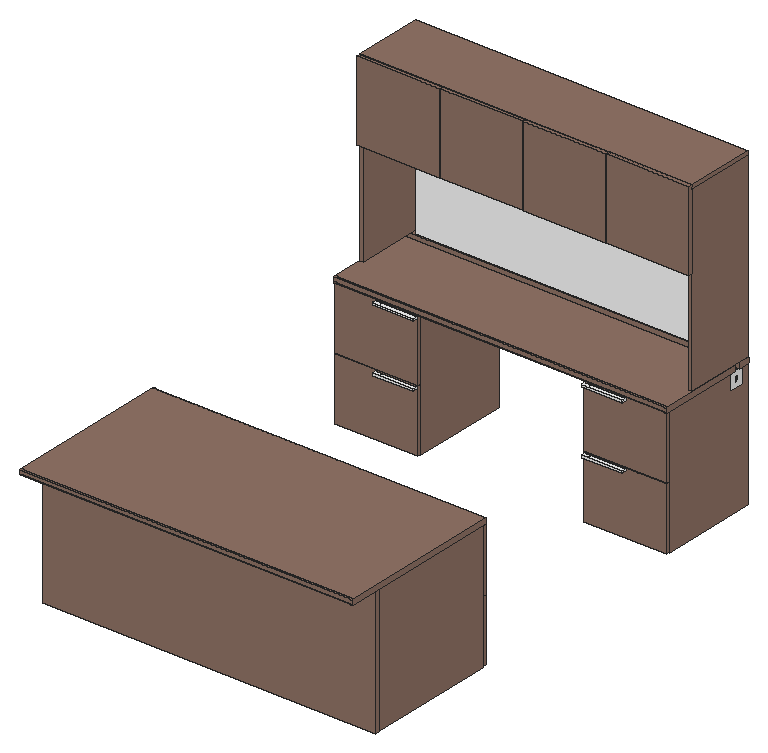
Revit family "FLV001", category Furniture, Revit 2015
Parameters
  Series = "Flux Veneer"
  Manufacturer = "JSI"
  Description = "FLV001"
Reference planes (in)
  plane 1 "Center Front/Back": y = 0
  plane 2: z = 0
  plane 3 "Center Left/Right": x = 0
Dimensions and locks (in)
  aligned and locked: level to plane 2
Nested families (in)
  nested 1: "JSI-Flux- FF_Knspce_Crednz" at (1.06413, 49.25, 0), type "FLV2272-29F2K2ST, FF Knspc Crdnz, Spl Wrksf, Veneer"
    with Width 6' - 0", Split Worksurface yes, Split Dist 0' - 0", Pull Width 0' - 8 27/32", Partition Dist 1' - 4 1/2", Grommet Dist 1' - 8 1/2"
  nested 2: "JSI-Flux-Dbl_Ped_Dsk-Flsh-Mod-Ovhg_Top" at (0.93587, -42.13233, 0) x (-1, 0, 0) z (0, 0, 1), type "FLV3672EDF,Dbl Ped Desk Flush Mod,72" Veneer"
    with Width 6' - 0", Ped Width 1' - 6"
  nested 3: "JSI-Flux-Prime_Ht_Strg_OH_Cab" at (1.06413, 49.25, 0), type "FLV1672-40SO, Strg OH Cab, 4 Dr, Veneer"
    with Width 5' - 11 7/8", Partition Distance_R 2' - 11 9/16", Partition Distance_L 2' - 11 9/16", Door Width 1' - 5 7/8", Door Array Distance 1' - 6", # of Doors 4
  nested 4: "JSI-Flux-Tckbrd_for_OH_Cab" at (1.87663, 48.9173, 0.06907), type "FLB7122TK, Tackboard for OH Cab"
    with Width 5' - 11", Height 1' - 10"
Definition of nested family "JSI-Flux- FF_Knspce_Crednz"
  Parameters (values of type "Type Catalog - Lt File Knspc Crdnz")
    Worksurface = none
    Width = 8' - 0"
    URL = "www.jsifurniture.com"
    Type Comments = ""
    TAG = "FF"
    Split Worksurface = no
    Split Dist = if(Split Worksurface, 0' 0", 0' 4")  # 0' - 4"
    Pull Width = if(Width > 7' 0", 0' 10 27/32", 0' 8 27/32")  # 0' - 10 27/32"
    Partition Dist = if(Width > 7' 0", 2' 4 1/2", 1' 4 1/2")  # 2' - 4 1/2"
    Series = "FLUX"  # constant formula
    Pull Finish = none
    Model = ""
    Manufacturer = "JSI"  # constant formula
    Keynote = "12500"
    JSI Enviromental Website = "http://www.jsifurniture.com/jsi_sustainability_intro.php"
    Height = 2' - 5"
    Grommet Dist = if(Width > 7' 0", Partition Dist / 2, Partition Dist + 0' 4")  # 1' - 2 1/4"
    Glides = none
    Door Height = (Height - 0' 1 3/16" - 0' 0 5/16" - 0' 0 3/8") / 2  # 1' - 1 9/16"
    Back = none
    Door Front = none
    Description = ""
    Depth = 1' - 10"
    Chassis = none
    Assembly Code = "E2020200"
  Reference planes (in)
    plane 1: z = 0
    plane 2 "Center (Left/Right)": x = -36.06413
    plane 3 "Center (Front/Back)": y = 10.75
    plane 4: x = 59.93587
    plane 5: x = -36.00163
    plane 6: y = 10.6875
    plane 7: x = 59.87337
    plane 8: x = 11.93587
    plane 9: y = 10.625
    plane 10: y = -11.25
    plane 11: y = -11.125
    plane 12: y = -10.375
    plane 13: y = 9.875
    plane 14: y = 8.6875
    plane 15: y = 6.5
    plane 16: y = 6
    plane 17: y = 5.875
    plane 18: y = -6.375
    plane 19: y = -8.125
    plane 20: z = 0.3125
    plane 21: z = 1.5
    plane 22: z = 2.25
    plane 23: z = 29
    plane 24: z = 27.8125
    plane 25: z = 27.0625
    plane 26: z = 24.5625
    plane 27: z = 14.65625
    plane 28: z = 15.03125
    plane 29: z = 14.28125
    plane 30: x = -6.75163
    plane 31: x = 30.62337
    plane 32: x = -6.00163
    plane 33: x = 29.87337
    plane 34: x = -35.25163
    plane 35: x = 59.12337
    plane 36: y = 8.4375
    plane 37: z = 17.15625
    plane 38: y = 9.375
    plane 39: y = 6.875
    plane 40: z = 27.6875
    plane 41: z = 0.4375
    plane 42: x = -35.93913
    plane 43: x = 59.81087
    plane 44: x = -6.06413
    plane 45: x = -5.93913
    plane 46: x = 29.81087
    plane 47: x = 29.93587
    plane 48: z = 27.6875
    plane 49: z = 27.48438
    plane 50: z = 27.48437
    plane 51: y = -9.375
    plane 52: x = -34.25163
    plane 53: x = 58.12337
    plane 54: x = -21.00163
    plane 55: x = 11.93587
    plane 56: x = 44.87337
    plane 57: z = 22.8125
    plane 58: y = 9.1875
    plane 59: y = 8.5
    plane 60: y = 7
    plane 61: z = 23
    plane 62: z = 25
    plane 63: x = -7.75163
    plane 64: x = 31.62337
    plane 65: x = -24.00163
    plane 66: x = -18.00163
    plane 67: x = 41.87337
    plane 68: x = 47.87337
    plane 69: z = 26.21875
    plane 70: y = 7.59375
    plane 71: y = 7.84375
    plane 72: y = 7.34375
    plane 73: z = 14
    plane 74: z = 14.125
    plane 75: x = -6.22038
    plane 76: x = 30.09212
    plane 77: z = 13.79688
    plane 78: x = -21.00163
    plane 79: x = 44.87337
  Forms (in)
    Extrusion 1, solid
      sketch origin (0, 0, 0) x (0, 1, 0) y (0, 0, 1)
        loop
          line (6, 27.0625) -> (6, 27.8125) -> (-10.375, 27.8125) -> (-10.375, 27.0625) -> (6, 27.0625)
      from -35.25163 to -6.75163
    Extrusion 2, solid, material <- "Chassis"
      sketch origin (0, 0, 0) x (0, 1, 0) y (0, 0, 1)
        loop
          line (9.875, 2.25) -> (-10.375, 2.25) -> (-10.375, 1.5) -> (9.875, 1.5) -> (9.875, 2.25)
      from -35.25163 to -6.75163
    Extrusion 3, solid, material <- "Chassis"
      sketch origin (0, 0, 0) x (0, 1, 0) y (0, 0, 1)
        loop
          line (10.6875, 27.8125) -> (9.1875, 27.8125) -> (9.1875, 25.0625)
          arc (9.1875, 25.0625) -> (9.04105, 24.70895) -> (8.6875, 24.5625) r 0.5
          line (8.6875, 24.5625) -> (6.5, 24.5625)
          arc (6.5, 24.5625) -> (6.14645, 24.70895) -> (6, 25.0625) r 0.5
          line (6, 25.0625) -> (6, 27.8125) -> (-10.375, 27.8125) -> (-10.375, 0.3125) -> (10.6875, 0.3125) -> (10.6875, 27.8125)
      from -6.75163 to -6.00163
    Extrusion 4, solid, material <- "Chassis"
      sketch origin (0, 0, 0) x (0, 1, 0) y (0, 0, 1)
        loop
          line (10.6875, 27.8125) -> (9.1875, 27.8125) -> (9.1875, 25.0625)
          arc (9.1875, 25.0625) -> (9.04105, 24.70895) -> (8.6875, 24.5625) r 0.5
          line (8.6875, 24.5625) -> (6.5, 24.5625)
          arc (6.5, 24.5625) -> (6.14645, 24.70895) -> (6, 25.0625) r 0.5
          line (6, 25.0625) -> (6, 27.8125) -> (-10.375, 27.8125) -> (-10.375, 0.3125) -> (10.6875, 0.3125) -> (10.6875, 27.8125)
      from 29.87337 to 30.62337
    Extrusion 5, solid, material <- "Back"
      sketch origin (0, 0, 0) x (0, 1, 0) y (0, 0, 1)
        loop
          line (8.6875, 27.8125) -> (8.6875, 22.8125) -> (9.875, 22.8125) -> (9.875, 27.8125) -> (8.6875, 27.8125)
      from -35.25163 to 59.12337
    Extrusion 6, solid, material <- "Chassis"
      sketch origin (0, 0, 0) x (0, 1, 0) y (0, 0, 1)
        loop
          line (9.875, 1.5) -> (5.875, 1.5) -> (5.875, 0.3125) -> (9.875, 0.3125) -> (9.875, 1.5)
      from -35.25163 to -6.75163
    Extrusion 7, solid, material <- "Chassis"
      sketch origin (0, 0, 0) x (0, 1, 0) y (0, 0, 1)
        loop
          line (-6.375, 1.5) -> (-10.375, 1.5) -> (-10.375, 0.3125) -> (-6.375, 0.3125) -> (-6.375, 1.5)
      from -35.25163 to -6.75163
    Extrusion 8, solid, material <- "Worksurface"
      sketch origin (0, 0, 0) x (0, 1, 0) y (0, 0, 1)
        loop
          arc (10.75, 28.875) -> (10.71339, 28.96339) -> (10.625, 29) r 0.125
          line (10.625, 29) -> (-11.125, 29)
          arc (-11.125, 29) -> (-11.21339, 28.96339) -> (-11.25, 28.875) r 0.125
          line (-11.25, 28.875) -> (-11.25, 27.9375)
          arc (-11.25, 27.9375) -> (-11.21339, 27.84911) -> (-11.125, 27.8125) r 0.125
          line (-11.125, 27.8125) -> (10.625, 27.8125)
          arc (10.625, 27.8125) -> (10.71339, 27.84911) -> (10.75, 27.9375) r 0.125
          line (10.75, 27.9375) -> (10.75, 28.875)
      from -36.06413 to 59.93587
    Extrusion 9, solid, material <- "Glides"
      sketch origin (0, 0, 0) x (1, 0, 0) y (0, 1, 0)
        loop
          circle (-34.25163, 8.6875) r 0.5
      from 0 to 0.3125
    Extrusion 10, solid, material <- "Glides"
      sketch origin (0, 0, 0) x (1, 0, 0) y (0, 1, 0)
        loop
          circle (-34.25163, -9.375) r 0.5
      from 0 to 0.3125
    Extrusion 11, solid, material <- "Glides"
      sketch origin (0, 0, 0) x (1, 0, 0) y (0, 1, 0)
        loop
          circle (58.12337, 8.6875) r 0.5
      from 0 to 0.3125
    Extrusion 12, solid, material <- "Glides"
      sketch origin (0, 0, 0) x (1, 0, 0) y (0, 1, 0)
        loop
          circle (58.12337, -9.375) r 0.5
      from 0 to 0.3125
    Extrusion 13, solid, material <- "Glides"
      sketch origin (0, 0, 0) x (1, 0, 0) y (0, 1, 0)
        loop
          circle (-7.75163, 8.6875) r 0.5
      from 0 to 0.3125
    Extrusion 14, solid, material <- "Glides"
      sketch origin (0, 0, 0) x (1, 0, 0) y (0, 1, 0)
        loop
          circle (31.62337, 8.6875) r 0.5
      from 0 to 0.3125
    Extrusion 15, solid, material <- "Glides"
      sketch origin (0, 0, 0) x (1, 0, 0) y (0, 1, 0)
        loop
          circle (-7.75163, -9.375) r 0.5
      from 0 to 0.3125
    Extrusion 16, solid, material <- "Glides"
      sketch origin (0, 0, 0) x (1, 0, 0) y (0, 1, 0)
        loop
          circle (31.62337, -9.375) r 0.5
      from 0 to 0.3125
    Extrusion 17, solid, material <- "Back"
      sketch origin (0, 0, 0) x (1, 0, 0) y (0, 0, 1)
        loop
          line (-35.25163, 27.8125) -> (-35.25163, 0.3125) -> (-6.75163, 0.3125) -> (-6.75163, 27.8125) -> (-35.25163, 27.8125)
      from -10.625 to -9.875
    Extrusion 18, solid, material <- "Chassis"
      sketch origin (0, 0, 0) x (0, 1, 0) y (0, 0, 1)
        loop
          line (10.6875, 27.8125) -> (9.1875, 27.8125) -> (9.1875, 25.0625)
          arc (9.1875, 25.0625) -> (9.04105, 24.70895) -> (8.6875, 24.5625) r 0.5
          line (8.6875, 24.5625) -> (6.5, 24.5625)
          arc (6.5, 24.5625) -> (6.14645, 24.70895) -> (6, 25.0625) r 0.5
          line (6, 25.0625) -> (6, 27.8125) -> (-10.375, 27.8125) -> (-10.375, 0.3125) -> (10.6875, 0.3125) -> (10.6875, 27.8125)
      from -36.00163 to -35.25163
    Extrusion 19, solid, material <- "Chassis"
      sketch origin (0, 0, 0) x (0, 1, 0) y (0, 0, 1)
        loop
          line (10.6875, 27.8125) -> (9.1875, 27.8125) -> (9.1875, 25.0625)
          arc (9.1875, 25.0625) -> (9.04105, 24.70895) -> (8.6875, 24.5625) r 0.5
          line (8.6875, 24.5625) -> (6.5, 24.5625)
          arc (6.5, 24.5625) -> (6.14645, 24.70895) -> (6, 25.0625) r 0.5
          line (6, 25.0625) -> (6, 27.8125) -> (-10.375, 27.8125) -> (-10.375, 0.3125) -> (10.6875, 0.3125) -> (10.6875, 27.8125)
      from 59.12337 to 59.87337
    Extrusion 20, void
      sketch origin (0, 0, 0) x (1, 0, 0) y (0, 1, 0)
        loop
          line (59.93587, 8.5) -> (-36.06413, 8.5) -> (-36.06413, 7) -> (59.93587, 7) -> (59.93587, 8.5)
      from 23 to 25
    Extrusion 21, solid, material <- "Back"
      sketch origin (0, 0, 0) x (1, 0, 0) y (0, 0, 1)
        loop
          line (30.62337, 27.8125) -> (30.62337, 0.3125) -> (59.12337, 0.3125) -> (59.12337, 27.8125) -> (30.62337, 27.8125)
      from -10.625 to -9.875
    Extrusion 22, solid, material <- "Chassis"
      sketch origin (0, 0, 0) x (0, 1, 0) y (0, 0, 1)
        loop
          line (9.875, 2.25) -> (-10.375, 2.25) -> (-10.375, 1.5) -> (9.875, 1.5) -> (9.875, 2.25)
      from 30.62337 to 59.12337
    Extrusion 23, solid, material <- "Chassis"
      sketch origin (0, 0, 0) x (0, 1, 0) y (0, 0, 1)
        loop
          line (9.875, 1.5) -> (5.875, 1.5) -> (5.875, 0.3125) -> (9.875, 0.3125) -> (9.875, 1.5)
      from 30.62337 to 59.12337
    Extrusion 24, solid, material <- "Chassis"
      sketch origin (0, 0, 0) x (0, 1, 0) y (0, 0, 1)
        loop
          line (-6.375, 1.5) -> (-10.375, 1.5) -> (-10.375, 0.3125) -> (-6.375, 0.3125) -> (-6.375, 1.5)
      from 30.62337 to 59.12337
    Extrusion 25, void
      sketch origin (0, 0, 0) x (1, 0, 0) y (0, 0, 1)
        loop
          line (-23.00163, 14.65625) -> (-19.00163, 14.65625)
          arc (-19.00163, 14.65625) -> (-18.29453, 14.94914) -> (-18.00163, 15.65625) r 1
          line (-18.00163, 15.65625) -> (-18.00163, 16.15625)
          arc (-18.00163, 16.15625) -> (-18.29453, 16.86336) -> (-19.00163, 17.15625) r 1
          line (-19.00163, 17.15625) -> (-23.00163, 17.15625)
          arc (-23.00163, 17.15625) -> (-23.70874, 16.86336) -> (-24.00163, 16.15625) r 1
          line (-24.00163, 16.15625) -> (-24.00163, 15.65625)
          arc (-24.00163, 15.65625) -> (-23.70874, 14.94914) -> (-23.00163, 14.65625) r 1
      from -10.75 to -9.875
    Extrusion 26, solid, material <- "Pull Finish"
      sketch origin (0, 0, 0) x (0, 1, 0) y (0, 0, 1)
        loop
          arc (7.84375, 26.92586) -> (7.87949, 26.71752) -> (7.98264, 26.53302) r 0.625
          arc (7.98264, 26.53302) -> (7.59375, 25.71875) -> (7.20486, 26.53302) r 0.5
          arc (7.20486, 26.53302) -> (7.30801, 26.71752) -> (7.34375, 26.92586) r 0.625
          line (7.34375, 26.92586) -> (7.34375, 27.8125) -> (6, 27.8125) -> (6, 25.0625)
          arc (6, 25.0625) -> (6.14645, 24.70895) -> (6.5, 24.5625) r 0.5
          line (6.5, 24.5625) -> (8.6875, 24.5625)
          arc (8.6875, 24.5625) -> (9.04105, 24.70895) -> (9.1875, 25.0625) r 0.5
          line (9.1875, 25.0625) -> (9.1875, 27.8125) -> (7.84375, 27.8125) -> (7.84375, 26.92586)
      from 59.81087 to 59.87337
    Extrusion 27, solid, material <- "Door Front"
      sketch origin (0, 0, 0) x (1, 0, 0) y (0, 1, 0)
        loop
          line (-35.93913, -10.375) -> (-35.93913, -11.125) -> (-6.06413, -11.125) -> (-6.06413, -10.375) -> (-35.93913, -10.375)
      from 14.125 to 27.6875
    Extrusion 28, solid, material <- "Door Front"
      sketch origin (0, 0, 0) x (1, 0, 0) y (0, 1, 0)
        loop
          line (-35.93913, -10.375) -> (-35.93913, -11.125) -> (-6.06413, -11.125) -> (-6.06413, -10.375) -> (-35.93913, -10.375)
      from 0.4375 to 14
    Extrusion 29, solid, material <- "Door Front"
      sketch origin (0, 0, 0) x (1, 0, 0) y (0, 1, 0)
        loop
          line (29.93587, -10.375) -> (29.93587, -11.125) -> (59.81087, -11.125) -> (59.81087, -10.375) -> (29.93587, -10.375)
      from 14.125 to 27.6875
    Extrusion 30, solid, material <- "Door Front"
      sketch origin (0, 0, 0) x (1, 0, 0) y (0, 1, 0)
        loop
          line (29.93587, -10.375) -> (29.93587, -11.125) -> (59.81087, -11.125) -> (59.81087, -10.375) -> (29.93587, -10.375)
      from 0.4375 to 14
    Extrusion 31, void
      sketch origin (0, 0, 0) x (1, 0, 0) y (0, 0, 1)
        loop
          arc (42.87337, 17.15625) -> (42.16626, 16.86336) -> (41.87337, 16.15625) r 1
          line (41.87337, 16.15625) -> (41.87337, 15.65625)
          arc (41.87337, 15.65625) -> (42.16626, 14.94914) -> (42.87337, 14.65625) r 1
          line (42.87337, 14.65625) -> (46.87337, 14.65625)
          arc (46.87337, 14.65625) -> (47.58047, 14.94914) -> (47.87337, 15.65625) r 1
          line (47.87337, 15.65625) -> (47.87337, 16.15625)
          arc (47.87337, 16.15625) -> (47.58047, 16.86336) -> (46.87337, 17.15625) r 1
          line (46.87337, 17.15625) -> (42.87337, 17.15625)
      from -10.75 to -9.875
    Extrusion 32, solid, material <- "Pull Finish"
      sketch origin (0, 0, 0) x (0, 1, 0) y (0, 0, 1)
        loop
          arc (7.84375, 26.92586) -> (7.87949, 26.71752) -> (7.98264, 26.53302) r 0.625
          arc (7.98264, 26.53302) -> (7.59375, 25.71875) -> (7.20486, 26.53302) r 0.5
          arc (7.20486, 26.53302) -> (7.30801, 26.71752) -> (7.34375, 26.92586) r 0.625
          line (7.34375, 26.92586) -> (7.34375, 27.8125) -> (6, 27.8125) -> (6, 25.0625)
          arc (6, 25.0625) -> (6.14645, 24.70895) -> (6.5, 24.5625) r 0.5
          line (6.5, 24.5625) -> (8.6875, 24.5625)
          arc (8.6875, 24.5625) -> (9.04105, 24.70895) -> (9.1875, 25.0625) r 0.5
          line (9.1875, 25.0625) -> (9.1875, 27.8125) -> (7.84375, 27.8125) -> (7.84375, 26.92586)
      from -36.00163 to -35.93913
    Extrusion 33, solid, material <- "Worksurface", detail levels medium+fine
      sketch origin (0, 0, 0) x (0, 1, 0) y (0, 0, 1)
        loop
          line (6, 27.0625) -> (6, 27.8125) -> (-10.375, 27.8125) -> (-10.375, 27.0625) -> (6, 27.0625)
      from 30.62337 to 59.12337
  Cuts and joins
    Extrusion 20 cuts Extrusion 8
    Extrusion 25 cuts Extrusion 17
    Extrusion 31 cuts Extrusion 21
  Lines and regions (in)
    symbolic lines
      curve 1: line (59.93587, 10.75, 0) -> (-36.06413, 10.75, 0)
      curve 2: line (59.93587, -11.25, 0) -> (-36.06413, -11.25, 0)
      curve 3: line (59.93587, 10.75, 0) -> (59.93587, -11.25, 0)
      curve 4: line (-36.06413, 10.75, 0) -> (-36.06413, -11.25, 0)
    symbolic lines, visible <- "Split Worksurface"
      curve 5: line (59.93587, 8.5, 0) -> (-36.06413, 8.5, 0)
      curve 6: line (59.93587, 7, 0) -> (-36.06413, 7, 0)
    symbolic lines, detail levels medium+fine
      curve 7: line (-36.00163, 10.6875, 0) -> (-36.00163, -10.375, 0)
      curve 8: line (-35.25163, 10.6875, 0) -> (-35.25163, -10.375, 0)
      curve 9: line (-35.25163, 10.6875, 0) -> (-36.00163, 10.6875, 0)
      curve 10: line (-35.25163, -10.375, 0) -> (-36.00163, -10.375, 0)
      curve 11: line (-6.75163, 10.6875, 0) -> (-6.75163, -10.375, 0)
      curve 12: line (-6.00163, 10.6875, 0) -> (-6.00163, -10.375, 0)
      curve 13: line (-6.00163, 10.6875, 0) -> (-6.75163, 10.6875, 0)
      curve 14: line (-6.00163, -10.375, 0) -> (-6.75163, -10.375, 0)
      curve 15: line (29.87337, 10.6875, 0) -> (29.87337, -10.375, 0)
      curve 16: line (30.62337, 10.6875, 0) -> (30.62337, -10.375, 0)
      curve 17: line (30.62337, 10.6875, 0) -> (29.87337, 10.6875, 0)
      curve 18: line (30.62337, -10.375, 0) -> (29.87337, -10.375, 0)
      curve 19: line (59.12337, 10.6875, 0) -> (59.12337, -10.375, 0)
      curve 20: line (59.87337, 10.6875, 0) -> (59.87337, -10.375, 0)
      curve 21: line (59.87337, 10.6875, 0) -> (59.12337, 10.6875, 0)
      curve 22: line (59.87337, -10.375, 0) -> (59.12337, -10.375, 0)
      curve 23: line (-6.75163, 10.625, 0) -> (-35.25163, 10.625, 0)
      curve 24: line (-6.75163, 9.875, 0) -> (-35.25163, 9.875, 0)
      curve 25: line (59.12337, 10.625, 0) -> (30.62337, 10.625, 0)
      curve 26: line (59.12337, 9.875, 0) -> (30.62337, 9.875, 0)
      curve 27: line (-6.00163, 10.625, 0) -> (29.87337, 10.625, 0)
      curve 28: line (-6.00163, 9.875, 0) -> (29.87337, 9.875, 0)
  Dimensions and locks (in)
    plane 2 "Center (Left/Right)" to plane 5 to plane 42 = 0' - 0 1/16" locked, 0' - 0 1/16" locked
    plane 43 to plane 7 to plane 4 = 0' - 0 1/16" locked, 0' - 0 1/16" locked
    "Width": plane 2 "Center (Left/Right)" to plane 4
    equal spacing: plane 2 "Center (Left/Right)", plane 8, plane 4
    plane 14 to plane 13 to plane 9 to plane 6 to plane 3 "Center (Front/Back)" = 0' - 1 3/16" locked, 0' - 0 3/4" locked, 0' - 0 1/16" locked, 0' - 0 1/16" locked
    "Depth": plane 10 to plane 3 "Center (Front/Back)"
    plane 10 to plane 11 to plane 12 = 0' - 0 1/8" locked, 0' - 0 3/4" locked
    plane 16 to plane 15 to plane 13 = 0' - 0 1/2" locked, 0' - 3 3/8" locked
    locked: plane 17 to plane 13 at 4
    locked: plane 12 to plane 18 at 4
    locked: plane 12 to plane 19 at 2.25
    "Height": plane 23 to plane 1
    locked: plane 23 to plane 24 at 1.1875
    plane 21 to plane 20 to plane 1 = 0' - 1 3/16" locked, 0' - 0 5/16" locked
    plane 24 to plane 25 to plane 26 = 0' - 0 3/4" locked, 0' - 2 1/2" locked
    locked: plane 22 to plane 21 at 0.75
    plane 28 to plane 27 to plane 29 = 0' - 0 3/8" locked, 0' - 0 3/8" locked
    plane 63 to plane 30 to plane 32 = 0' - 1" locked, 0' - 0 3/4" locked
    plane 33 to plane 31 to plane 64 = 0' - 0 3/4" locked, 0' - 1" locked
    plane 5 to plane 34 to plane 52 = 0' - 0 3/4" locked, 0' - 1" locked
    plane 53 to plane 35 to plane 7 = 0' - 1" locked, 0' - 0 3/4" locked
    locked: plane 36 to plane 13 at 1.4375
    equal spacing: plane 25, plane 27, plane 22
    locked: plane 37 to plane 27 at 2.5
    plane 39 to plane 38 to plane 13 = 0' - 2 1/2" locked, 0' - 0 1/2" locked
    locked: plane 41 to plane 20 at 0.125
    locked: plane 24 to plane 40 at 0.125
    plane 44 to plane 32 to plane 45 = 0' - 0 1/16" locked, 0' - 0 1/16" locked
    plane 46 to plane 33 to plane 47 = 0' - 0 1/16" locked, 0' - 0 1/16" locked
    "Partition Dist": plane 34 to plane 30
    "Partition Dist": plane 31 to plane 35
    plane 48 to plane 1 = 2' - 3 11/16"
    locked: plane 40 to plane 49 at 0.20313
    locked: plane 48 to plane 50 at 0.20312
    locked: plane 12 to plane 51 at 1
    locked: plane 24 to plane 57 at 5
    locked: plane 58 to plane 13 at 0.6875
    plane 60 to plane 59 to plane 3 "Center (Front/Back)" = 0' - 1 1/2" locked, 0' - 2 1/4" locked
    locked: plane 62 to plane 61 at 2
    "Split Dist": plane 23 to plane 62
    locked: plane 65 to plane 66 at 6
    locked: plane 67 to plane 68 at 6
    locked: plane 65 to plane 54 at 3
    locked: plane 67 to plane 56 at 3
    "Grommet Dist": plane 34 to plane 54
    "Grommet Dist": plane 56 to plane 35
    locked: plane 24 to plane 69 at 1.59375
    equal spacing: plane 16, plane 70, plane 58
    plane 72 to plane 70 to plane 71 = 0' - 0 1/4" locked, 0' - 0 1/4" locked
    "Door Height": plane 73 to plane 41
    "Door Height": plane 48 to plane 74
    locked: plane 75 to plane 32 at 0.21875
    locked: plane 33 to plane 76 at 0.21875
    locked: plane 73 to plane 77 at 0.20312
    equal spacing: plane 34, plane 78, plane 30
    equal spacing: plane 31, plane 79, plane 35
    radius of Extrusion 9 sketch curve = 0' - 0 1/2"
    radius of Extrusion 10 sketch curve = 0' - 0 1/2"
    radius of Extrusion 11 sketch curve = 0' - 0 1/2"
    radius of Extrusion 12 sketch curve = 0' - 0 1/2"
    radius of Extrusion 13 sketch curve = 0' - 0 1/2"
    radius of Extrusion 15 sketch curve = 0' - 0 1/2"
    radius of Extrusion 14 sketch curve = 0' - 0 1/2"
    radius of Extrusion 16 sketch curve = 0' - 0 1/2"
    aligned and locked: level to plane 1
    aligned and locked: plane 25 to Extrusion 1 sketch curve
    aligned and locked: plane 24 to Extrusion 1 sketch curve
    aligned and locked: plane 16 to Extrusion 1 sketch curve
    aligned and locked: plane 12 to Extrusion 1 sketch curve
    aligned and locked: Extrusion 1 to plane 34
    aligned and locked: plane 22 to Extrusion 2 sketch curve
    aligned and locked: plane 21 to Extrusion 2 sketch curve
    aligned and locked: plane 13 to Extrusion 2 sketch curve
    aligned and locked: plane 12 to Extrusion 2 sketch curve
    aligned and locked: Extrusion 2 to plane 34
    aligned and locked: plane 12 to Extrusion 3 sketch curve
    aligned and locked: Extrusion 3 to plane 30
    aligned and locked: plane 32 to Extrusion 3
    aligned and locked: plane 12 to Extrusion 4 sketch curve
    aligned and locked: plane 31 to Extrusion 4
    aligned and locked: Extrusion 4 to plane 33
    aligned and locked: plane 14 to Extrusion 5 sketch curve
    aligned and locked: plane 13 to Extrusion 5 sketch curve
    aligned and locked: plane 24 to Extrusion 5 sketch curve
    aligned and locked: Extrusion 5 to plane 34
    aligned and locked: plane 35 to Extrusion 5
    aligned and locked: plane 13 to Extrusion 6 sketch curve
    aligned and locked: plane 17 to Extrusion 6 sketch curve
    aligned and locked: plane 20 to Extrusion 6 sketch curve
    aligned and locked: plane 21 to Extrusion 6 sketch curve
    aligned and locked: plane 18 to Extrusion 7 sketch curve
    aligned and locked: plane 12 to Extrusion 7 sketch curve
    aligned and locked: plane 21 to Extrusion 7 sketch curve
    aligned and locked: plane 20 to Extrusion 7 sketch curve
    aligned and locked: Extrusion 6 to plane 34
    aligned and locked: Extrusion 7 to plane 34
    aligned and locked: plane 50 to nested 1
    aligned and locked: plane 50 to nested 2
    aligned and locked: plane 11 to nested 1  (x2)
    aligned and locked: plane 11 to nested 2  (x2)
    aligned and locked: nested 1 to plane 11
    aligned and locked: plane 3 "Center (Front/Back)" to Extrusion 8 sketch curve
    aligned and locked: plane 23 to Extrusion 8 sketch curve
    aligned and locked: plane 24 to Extrusion 8 sketch curve
    aligned and locked: plane 10 to Extrusion 8 sketch curve
    aligned and locked: Extrusion 8 to plane 2 "Center (Left/Right)"
    aligned and locked: plane 4 to Extrusion 8
    aligned and locked: Extrusion 9 to plane 1
    aligned and locked: Extrusion 10 to plane 1
    aligned and locked: plane 20 to Extrusion 10
    aligned and locked: plane 20 to Extrusion 9
    aligned and locked: Extrusion 13 to plane 1
    aligned and locked: Extrusion 15 to plane 1
    aligned and locked: Extrusion 14 to plane 1
    aligned and locked: Extrusion 16 to plane 1
    aligned and locked: plane 1 to Extrusion 11
    aligned and locked: plane 1 to Extrusion 12
    aligned and locked: plane 20 to Extrusion 12
    aligned and locked: plane 20 to Extrusion 11
    aligned and locked: plane 20 to Extrusion 16
    aligned and locked: plane 20 to Extrusion 14
    aligned and locked: plane 20 to Extrusion 13
    aligned and locked: plane 20 to Extrusion 15
    aligned and locked: Extrusion 17 sketch curve to plane 24
    aligned and locked: Extrusion 17 sketch curve to plane 34
    aligned and locked: Extrusion 17 sketch curve to plane 20
    aligned and locked: Extrusion 17 to plane 9
    aligned and locked: plane 13 to Extrusion 17
    aligned and locked: plane 10 to nested 3
    aligned and locked: curve 1 to plane 3 "Center (Front/Back)"
    aligned and locked: curve 2 to plane 10
    aligned and locked: curve 3 to plane 4
    aligned and locked: plane 55 to plane 8
    aligned and locked: Extrusion 5 sketch curve to plane 57
    aligned and locked: plane 58 to Extrusion 3 sketch curve
    aligned and locked: plane 16 to Extrusion 3 sketch curve
    aligned and locked: plane 26 to Extrusion 3 sketch curve
    aligned and locked: plane 58 to Extrusion 4 sketch curve
    aligned and locked: plane 16 to Extrusion 4 sketch curve
    aligned and locked: plane 26 to Extrusion 4 sketch curve
    aligned and locked: plane 6 to Extrusion 18 sketch curve
    aligned and locked: plane 24 to Extrusion 18 sketch curve
    aligned and locked: plane 12 to Extrusion 18 sketch curve
    aligned and locked: plane 20 to Extrusion 18 sketch curve
    aligned and locked: plane 58 to Extrusion 18 sketch curve
    aligned and locked: plane 16 to Extrusion 18 sketch curve
    aligned and locked: plane 26 to Extrusion 18 sketch curve
    aligned and locked: Extrusion 18 to plane 5
    aligned and locked: plane 34 to Extrusion 18
    aligned and locked: plane 6 to Extrusion 19 sketch curve
    aligned and locked: plane 24 to Extrusion 19 sketch curve
    aligned and locked: plane 12 to Extrusion 19 sketch curve
    aligned and locked: plane 20 to Extrusion 19 sketch curve
    aligned and locked: plane 58 to Extrusion 19 sketch curve
    aligned and locked: plane 16 to Extrusion 19 sketch curve
    aligned and locked: plane 26 to Extrusion 19 sketch curve
    aligned and locked: plane 7 to Extrusion 19
    aligned and locked: Extrusion 19 to plane 35
    aligned and locked: Extrusion 3 sketch curve to plane 24  (x2)
    aligned and locked: Extrusion 4 sketch curve to plane 24  (x2)
    aligned and locked: Extrusion 20 sketch curve to plane 59
    aligned and locked: Extrusion 20 sketch curve to plane 60
    aligned and locked: Extrusion 20 sketch curve to plane 2 "Center (Left/Right)"
    aligned and locked: Extrusion 20 sketch curve to plane 4
    aligned and locked: plane 62 to Extrusion 20
    aligned and locked: Extrusion 20 to plane 61
    aligned and locked: Extrusion 17 sketch curve to plane 30
    aligned and locked: Extrusion 3 sketch curve to plane 6
    aligned and locked: Extrusion 21 sketch curve to plane 31
    aligned and locked: Extrusion 21 sketch curve to plane 24
    aligned and locked: Extrusion 21 sketch curve to plane 35
    aligned and locked: Extrusion 21 sketch curve to plane 20
    aligned and locked: Extrusion 21 to plane 9
    aligned and locked: plane 13 to Extrusion 21
    aligned and locked: Extrusion 4 sketch curve to plane 6
    aligned and locked: Extrusion 3 sketch curve to plane 20
    aligned and locked: Extrusion 4 sketch curve to plane 20
    aligned and locked: plane 30 to Extrusion 2
    aligned and locked: plane 13 to Extrusion 22 sketch curve
    aligned and locked: plane 12 to Extrusion 22 sketch curve
    aligned and locked: plane 22 to Extrusion 22 sketch curve
    aligned and locked: plane 21 to Extrusion 22 sketch curve
    aligned and locked: plane 35 to Extrusion 22
    aligned and locked: Extrusion 22 to plane 31
    aligned and locked: plane 30 to Extrusion 6
    aligned and locked: plane 30 to Extrusion 7
    aligned and locked: plane 13 to Extrusion 23 sketch curve
    aligned and locked: plane 17 to Extrusion 23 sketch curve
    aligned and locked: plane 21 to Extrusion 23 sketch curve
    aligned and locked: plane 20 to Extrusion 23 sketch curve
    aligned and locked: plane 18 to Extrusion 24 sketch curve
    aligned and locked: plane 12 to Extrusion 24 sketch curve
    aligned and locked: plane 20 to Extrusion 24 sketch curve
    aligned and locked: plane 21 to Extrusion 24 sketch curve
    aligned and locked: plane 35 to Extrusion 24
    aligned and locked: plane 35 to Extrusion 23
    aligned and locked: Extrusion 24 to plane 31
    aligned and locked: Extrusion 23 to plane 31
    aligned and locked: Extrusion 25 sketch curve to plane 27
    aligned and locked: Extrusion 25 sketch curve to plane 37
    aligned and locked: Extrusion 25 sketch curve to plane 65
    aligned and locked: Extrusion 25 sketch curve to plane 66
    aligned and locked: Extrusion 25 to plane 3 "Center (Front/Back)"
    aligned and locked: plane 13 to Extrusion 25
    aligned and locked: plane 7 to Extrusion 26
    aligned and locked: Extrusion 26 to plane 43
    aligned and locked: Extrusion 27 sketch curve to plane 42
    aligned and locked: Extrusion 27 sketch curve to plane 12
    aligned and locked: Extrusion 27 sketch curve to plane 11
    aligned and locked: Extrusion 27 sketch curve to plane 44
    aligned and locked: Extrusion 27 to plane 74
    aligned and locked: Extrusion 28 sketch curve to plane 42
    aligned and locked: Extrusion 28 sketch curve to plane 11
    aligned and locked: Extrusion 28 sketch curve to plane 12
    aligned and locked: Extrusion 28 sketch curve to plane 44
    aligned and locked: plane 73 to Extrusion 28
    aligned and locked: Extrusion 28 to plane 41
    aligned and locked: Extrusion 29 sketch curve to plane 47
    aligned and locked: Extrusion 29 sketch curve to plane 11
    aligned and locked: Extrusion 29 sketch curve to plane 43
    aligned and locked: Extrusion 29 sketch curve to plane 12
    aligned and locked: plane 48 to Extrusion 29
    aligned and locked: Extrusion 29 to plane 74
    aligned and locked: Extrusion 30 sketch curve to plane 47
    aligned and locked: Extrusion 30 sketch curve to plane 11
    aligned and locked: Extrusion 30 sketch curve to plane 43
    aligned and locked: Extrusion 30 sketch curve to plane 12
    aligned and locked: plane 73 to Extrusion 30
    aligned and locked: Extrusion 30 to plane 41
    aligned and locked: nested 2 to plane 76
    aligned and locked: plane 75 to nested 1
    aligned and locked: plane 75 to nested 4
    aligned and locked: plane 77 to nested 4
    aligned and locked: nested 5 to plane 76
    aligned and locked: plane 77 to nested 5
    aligned and locked: nested 2 to plane 11  (x2)
    aligned and locked: plane 11 to nested 4
    aligned and locked: plane 11 to nested 5
    aligned and locked: nested 5 to plane 11
    aligned and locked: Extrusion 31 sketch curve to plane 37
    aligned and locked: Extrusion 31 sketch curve to plane 27
    aligned and locked: Extrusion 31 sketch curve to plane 67
    aligned and locked: Extrusion 31 sketch curve to plane 68
    aligned and locked: Extrusion 31 to plane 3 "Center (Front/Back)"
    aligned and locked: plane 13 to Extrusion 31
    aligned and locked: Extrusion 32 sketch curve to Extrusion 26  (x9)
    aligned and locked: Extrusion 32 to plane 5
    aligned and locked: plane 42 to Extrusion 32
    aligned and locked: plane 4 to curve 5
    aligned and locked: plane 2 "Center (Left/Right)" to curve 6
    aligned and locked: plane 2 "Center (Left/Right)" to curve 5
    aligned and locked: plane 30 to Extrusion 1
    aligned and locked: plane 25 to Extrusion 33 sketch curve
    aligned and locked: plane 24 to Extrusion 33 sketch curve
    aligned and locked: plane 12 to Extrusion 33 sketch curve
    aligned and locked: plane 16 to Extrusion 33 sketch curve
    aligned and locked: plane 35 to Extrusion 33
    aligned and locked: Extrusion 33 to plane 31
    aligned and locked: plane 78 to nested 3
    aligned and locked: plane 79 to nested 6
    aligned and locked: plane 10 to nested 6
    aligned and locked: curve 7 to plane 5
    aligned and locked: curve 8 to plane 34
    aligned and locked: curve 9 to plane 6
    aligned and locked: curve 10 to plane 12
    aligned and locked: curve 11 to plane 30
    aligned and locked: curve 12 to plane 32
    aligned and locked: curve 13 to plane 6
    aligned and locked: curve 14 to plane 12
    aligned and locked: curve 15 to plane 33
    aligned and locked: curve 16 to plane 31
    aligned and locked: curve 17 to plane 6
    aligned and locked: curve 18 to plane 12
    aligned and locked: curve 19 to plane 35
    aligned and locked: curve 20 to plane 7
    aligned and locked: curve 21 to plane 6
    aligned and locked: curve 22 to plane 12
    aligned and locked: plane 34 to curve 23
    aligned and locked: plane 30 to curve 23
    aligned and locked: plane 30 to curve 24
    aligned and locked: plane 31 to curve 25
    aligned and locked: plane 31 to curve 26
    aligned and locked: plane 35 to curve 25
    aligned and locked: plane 35 to curve 26
    aligned and locked: plane 32 to curve 27
    aligned and locked: plane 32 to curve 28
    aligned and locked: plane 33 to curve 27
    aligned and locked: plane 33 to curve 28
    aligned and locked: plane 13 to curve 28
    aligned and locked: plane 9 to curve 27
  Automatic sketch dimensions
    plane 14 to Extrusion 9 sketch curve = 0' - 0"
    Extrusion 9 sketch curve to plane 52 = 0' - 0"
    plane 51 to Extrusion 10 sketch curve = 0' - 0"
    Extrusion 10 sketch curve to plane 52 = 0' - 0"
    plane 14 to Extrusion 11 sketch curve = 0' - 0"
    Extrusion 11 sketch curve to plane 53 = 0' - 0"
    plane 51 to Extrusion 12 sketch curve = 0' - 0"
    Extrusion 12 sketch curve to plane 53 = 0' - 0"
    Extrusion 8 sketch curve to plane 11 = 0' - 0"  (x2)
    Extrusion 8 sketch curve to plane 9 = 0' - 0"  (x2)
    Extrusion 3 sketch curve to plane 15 = 0' - 0"
    Extrusion 3 sketch curve to plane 14 = 0' - 0"
    Extrusion 4 sketch curve to plane 15 = 0' - 0"
    Extrusion 4 sketch curve to plane 14 = 0' - 0"
    Extrusion 18 sketch curve to plane 15 = 0' - 0"
    Extrusion 18 sketch curve to plane 14 = 0' - 0"
    Extrusion 18 sketch curve to plane 24 = 0' - 0"
    Extrusion 19 sketch curve to plane 15 = 0' - 0"
    Extrusion 19 sketch curve to plane 14 = 0' - 0"
    Extrusion 19 sketch curve to plane 24 = 0' - 0"  (x2)
    plane 14 to Extrusion 13 sketch curve = 0' - 0"
    Extrusion 13 sketch curve to plane 63 = 0' - 0"
    plane 51 to Extrusion 15 sketch curve = 0' - 0"
    Extrusion 15 sketch curve to plane 63 = 0' - 0"
    plane 14 to Extrusion 14 sketch curve = 0' - 0"
    Extrusion 14 sketch curve to plane 64 = 0' - 0"
    plane 51 to Extrusion 16 sketch curve = 0' - 0"
    Extrusion 16 sketch curve to plane 64 = 0' - 0"
    plane 28 to Extrusion 25 sketch curve = 0' - 0 5/8"
    plane 65 to Extrusion 25 sketch curve = 0' - 1"
    Extrusion 25 sketch curve to plane 66 = 0' - 1"
    Extrusion 25 sketch curve to Extrusion 25 sketch curve = 0' - 0"
    Extrusion 26 sketch curve to plane 16 = 0' - 0"
    Extrusion 26 sketch curve to plane 24 = 0' - 0"  (x2)
    Extrusion 26 sketch curve to plane 72 = 0' - 0"
    Extrusion 26 sketch curve to plane 69 = 0' - 0"
    Extrusion 26 sketch curve to plane 70 = 0' - 0"
    Extrusion 26 sketch curve to plane 71 = 0' - 0"
    Extrusion 26 sketch curve to plane 14 = 0' - 0"
    Extrusion 26 sketch curve to plane 26 = 0' - 0"
    Extrusion 26 sketch curve to plane 25 = 0' - 0.13664"  (x2)
    plane 28 to Extrusion 31 sketch curve = 0' - 0 5/8"
    Extrusion 31 sketch curve to Extrusion 31 sketch curve = 0' - 0"
    Extrusion 31 sketch curve to plane 68 = 0' - 1"  (x2)
    plane 12 to curve 16 = 0' - 0"
    plane 12 to curve 12 = 0' - 0"
    plane 60 to curve 6 = 0' - 0"
    plane 59 to curve 5 = 0' - 0"
    plane 13 to curve 26 = 0' - 0"
    plane 13 to curve 24 = 0' - 0"
    plane 9 to curve 25 = 0' - 0"
    plane 9 to curve 23 = 0' - 0"
  Nested families (in)
    nested 1: "Bar Pull C" at (-14.88439, -11.125, 27.48437), Pull Finish <- "Pull Finish", type "PL"
      with Pull Finish none, Stud 0' - 1.54911", Pull Width 0' - 10 27/32"
    nested 2: "Bar Pull C" at (32.27186, -11.125, 27.48437), Pull Finish <- "Pull Finish", type "PL"
      with Pull Finish none, Stud 0' - 1.54911", Pull Width 0' - 10 27/32"
    nested 3: "Label 1-16" at (-21.00163, -11.25, 0), type "DRWCFG"
    nested 4: "Bar Pull C" at (-14.88439, -11.125, 13.79688), Pull Finish <- "Pull Finish", type "PL"
      with Pull Finish none, Stud 0' - 1.54911", Pull Width 0' - 10 27/32"
    nested 5: "Bar Pull C" at (32.27186, -11.125, 13.79688), Pull Finish <- "Pull Finish", type "PL"
      with Pull Finish none, Stud 0' - 1.54911", Pull Width 0' - 10 27/32"
    nested 6: "Label 1-16" at (44.87337, -11.25, 0), type "DRWCFG"
  Definition of nested family "Bar Pull C"
    Parameters
      Stud = Pull Width / 7  # 0' - 1.26339"
      Pull Width = 0' - 8 27/32"
      Pull Line [instance] = yes
      Pull Finish [instance] = none
    Reference planes (in)
      plane 1 "Center Front/Back": y = 0
      plane 2: z = 0
      plane 3 "Center Left/Right": x = 3.24213
      plane 4: y = -0.125
    Forms (in)
      Extrusion 1, solid, material <- "Pull Finish"
        sketch origin (0, 0, 0) x (1, 0, 0) y (0, 1, 0)
          loop
            line (-1.17975, 0) -> (-1.17975, -0.85113)
            arc (-1.17975, -0.85113) -> (-1.15229, -0.91742) -> (-1.086, -0.94488) r 0.09375
            line (-1.086, -0.94488) -> (7.58526, -0.94488)
            arc (7.58526, -0.94488) -> (7.64094, -0.92182) -> (7.664, -0.86614) r 0.07874
            line (7.664, -0.86614) -> (7.664, 0) -> (6.40061, 0) -> (6.40061, -0.70177)
            arc (6.40061, -0.70177) -> (6.364, -0.79016) -> (6.27561, -0.82677) r 0.125
            line (6.27561, -0.82677) -> (0.20864, -0.82677)
            arc (0.20864, -0.82677) -> (0.12026, -0.79016) -> (0.08364, -0.70177) r 0.125
            line (0.08364, -0.70177) -> (0.08364, 0) -> (-1.17975, 0)
        from -0.43307 to -0.11811
      Extrusion 2, solid, material <- "Pull Finish"
        sketch origin (0, 0, 0) x (1, 0, 0) y (0, 1, 0)
          loop
            line (-1.17975, 0) -> (-1.17975, -0.85113)
            arc (-1.17975, -0.85113) -> (-1.15229, -0.91742) -> (-1.086, -0.94488) r 0.09375
            line (-1.086, -0.94488) -> (7.58526, -0.94488)
            arc (7.58526, -0.94488) -> (7.64094, -0.92182) -> (7.664, -0.86614) r 0.07874
            line (7.664, -0.86614) -> (7.664, 0) -> (-1.17975, 0)
        from 0 to -0.11811
    Cuts and joins
      joined: Extrusion 1, Extrusion 2
    Lines and regions (in)
      symbolic lines, visible <- "Pull Line"
        curve 1: line (-1.17975, -0.125, 0) -> (-1.17975, -0.85113, 0)
        curve 2: line (7.664, -0.86614, 0) -> (7.664, -0.125, 0)
        curve 3: line (-1.086, -0.94488, 0) -> (7.58526, -0.94488, 0)
        curve 4: arc (-1.17975, -0.85113, 0) -> (-1.15229, -0.91742, 0) -> (-1.086, -0.94488, 0) r 0.09375
        curve 5: arc (7.58526, -0.94488, 0) -> (7.64094, -0.92182, 0) -> (7.664, -0.86614, 0) r 0.07874
    Dimensions and locks (in)
      equal spacing: Extrusion 1 sketch curve, plane 3 "Center Left/Right", Extrusion 1 sketch curve
      "Stud": Extrusion 1 sketch curve to Extrusion 1 sketch curve  (x2)
      "Pull Width": Extrusion 1 sketch curve to Extrusion 1 sketch curve
      locked: plane 4 to plane 1 "Center Front/Back" at 0.125
      aligned and locked: level to plane 2
      aligned and locked: Extrusion 2 sketch curve to Extrusion 1  (x2)
      aligned and locked: cut or joined group of Extrusion 1, Extrusion 2 to curve 1
      aligned and locked: curve 4 to cut or joined group of Extrusion 1, Extrusion 2
      aligned and locked: curve 5 to cut or joined group of Extrusion 1, Extrusion 2
      aligned and locked: plane 4 to curve 1
      aligned and locked: plane 4 to curve 2
    Automatic sketch dimensions
      plane 1 "Center Front/Back" to Extrusion 2 sketch curve = 0' - 0"
      plane 1 "Center Front/Back" to Extrusion 1 sketch curve = 0' - 0"  (x2)
      Extrusion 1 sketch curve to Extrusion 1 sketch curve = 0' - 0 3/32"
      Extrusion 1 sketch curve to Extrusion 1 sketch curve = 0' - 0 1/8"  (x2)
      Extrusion 1 sketch curve to Extrusion 1 sketch curve = 0' - 0.07874"
      plane 4 to Extrusion 1 sketch curve = 0' - 0.57677"
      plane 4 to Extrusion 1 sketch curve = 0' - 0.72613"
  Definition of nested family "Label 1-16"
    Parameters
      Model Name = "LOW DOOR"
    Reference planes (in)
      plane 1: y = 0
      plane 2: x = 0
    Text (in)
      label "XX" at (0.00051, -0.12324, 0), shows "Model Name"
Definition of nested family "JSI-Flux-Dbl_Ped_Dsk-Flsh-Mod-Ovhg_Top"
  Parameters (values of type "Dbl Ped Desk,Flush Modesty-Type Catalog Family")
    Worksurface = none
    Width = 5' - 6"
    URL = "www.jsifurniture.com"
    Type Comments = ""
    Tag 2 = "BBF"  # constant formula
    Tag = "FF"  # constant formula
    Series = "FLUX"  # constant formula
    Pull = none
    Ped Width = if(Width < 6' 0", 1' 3", 1' 6")  # 1' - 3"
    Model = "FLT3684EDF"
    Material = ""
    Manufacturer = "JSI"  # constant formula
    Keynote = "12500"
    JSI Enviromental Website = "http://www.jsifurniture.com/jsi_sustainability_intro.php"
    Height = 2' - 5"
    Glides = none
    Drawer Front = none
    Description = "Double Pedestal Desk with Flush Modesty, Depth 36”, Width 84”, Height 29”, Laminate"
    Depth = 3' - 0"
    Chassis = none
    Assembly Code = "E2020200"
  Reference planes (in)
    plane 1: z = 0
    plane 2 "Center (Left/Right)": x = -36.06413
    plane 3: z = 29
    plane 4: z = 27.8125
    plane 5: y = -31.24995
    plane 6 "Center (Front/Back)": y = 4.75005
    plane 7: x = -3.06413
    plane 8: x = -21.00163
    plane 9: x = 29.93587
    plane 10: x = -28.50163
    plane 11: x = -35.93913
    plane 12: x = -36.00163
    plane 13: x = -36.03288
    plane 14: x = -21.75163
    plane 15: x = -35.25163
    plane 16: z = 0.3125
    plane 17: z = 27.0625
    plane 18: y = -31.18745
    plane 19: y = -30.43745
    plane 20: x = 29.90462
    plane 21: x = 29.87337
    plane 22: x = 29.12337
    plane 23: x = 14.87337
    plane 24: x = 22.37337
    plane 25: x = 15.62337
    plane 26: x = 14.93587
    plane 27: x = -21.06413
    plane 28: y = 3.89344
    plane 29: y = -1.1875
    plane 30: y = -2.12445
    plane 31: x = 29.81087
  Forms (in)
    Extrusion 1, solid, material <- "Chassis"
      sketch origin (0, 10.625, 0.3125) x (0, 1, 0) y (-1, 0, 0)
        loop
          line (-12.74945, 36.00163) -> (-41.06245, 36.00163) -> (-41.06245, 35.25163) -> (-12.74945, 35.25163) -> (-12.74945, 36.00163)
        loop
          line (-12.74945, -29.12337) -> (-41.06245, -29.12337) -> (-41.06245, -29.87337) -> (-12.74945, -29.87337) -> (-12.74945, -29.12337)
      from 0 to 27.5
    Extrusion 2, solid, material <- "Chassis"
      sketch origin (-21.75163, -24.37, 48) x (0, -1, 0) y (0, 0, 1)
        loop
          line (-22.24555, -47.6875) -> (6.06745, -47.6875) -> (6.06745, -20.1875) -> (-20.13844, -20.1875) -> (-20.13844, -22.6875)
          arc (-20.13844, -22.6875) -> (-20.21167, -22.86428) -> (-20.38844, -22.9375) r 0.25
          line (-20.38844, -22.9375) -> (-22.24555, -22.9375) -> (-22.24555, -47.6875)
      from 0 to -0.75
    Extrusion 3, solid, material <- "Chassis"
      sketch origin (15.62337, -24.37, 48) x (0, -1, 0) y (0, 0, -1)
        loop
          line (-22.24555, 47.6875) -> (-22.24555, 22.9375) -> (-20.38844, 22.9375)
          arc (-20.38844, 22.9375) -> (-20.21167, 22.86428) -> (-20.13844, 22.6875) r 0.25
          line (-20.13844, 22.6875) -> (-20.13844, 20.1875) -> (6.06745, 20.1875) -> (6.06745, 47.6875) -> (-22.24555, 47.6875)
      from 0 to -0.75
    Extrusion 4, solid, material <- "Chassis"
      sketch origin (-21.75163, -24.37, 48) x (0, -1, 0) y (0, 0, 1)
        loop
          line (-17.64511, -20.1875) -> (-17.64511, -20.9375) -> (-13.14511, -20.9375) -> (-13.14511, -20.1875) -> (-17.64511, -20.1875)
        loop
          line (1.56745, -20.1875) -> (1.56745, -20.9375) -> (6.06745, -20.9375) -> (6.06745, -20.1875) -> (1.56745, -20.1875)
      from 0 to 13.5
    Extrusion 5, solid, material <- "Chassis"
      sketch origin (8.99837, -24.37, 48) x (0, -1, 0) y (0, 0, -1)
        loop
          line (-17.64511, 20.1875) -> (-13.14511, 20.1875) -> (-13.14511, 20.9375) -> (-17.64511, 20.9375) -> (-17.64511, 20.1875)
        loop
          line (1.5362, 20.1875) -> (6.06745, 20.1875) -> (6.06745, 20.9375) -> (1.5362, 20.9375) -> (1.5362, 20.1875)
      from 6.625 to 20.125
    Extrusion 6, solid, material <- "Chassis"
      sketch origin (29.12337, -180, 28.70342) x (0, 0, 1) y (0, -1, 0)
        loop
          line (-26.45342, -149.62505) -> (-27.20342, -149.62505) -> (-27.20342, -149.68755) -> (-28.39092, -149.68755) -> (-28.39092, -153.68755) -> (-27.20342, -153.68755) -> (-27.20342, -172.81305) -> (-26.45342, -172.81305) -> (-26.45342, -149.62505)
      from -13.5 to 0
    Extrusion 7, solid, material <- "Glides"
      sketch origin (0, 0, 0) x (1, 0, 0) y (0, 1, 0)
        loop
          circle (-34.64386, -2.86409) r 0.5
        loop
          circle (-22.42191, -2.86409) r 0.5
        loop
          circle (-34.64386, -29.73909) r 0.5
        loop
          circle (-22.42191, -29.73909) r 0.5
      from 0 to 0.3125
    Extrusion 8, solid, material <- "Glides"
      sketch origin (-12.12827, 0, 0) x (-1, 0, 0) y (0, -1, 0)
        loop
          circle (-40.64386, 2.73914) r 0.5
        loop
          circle (-28.42191, 2.73914) r 0.5
        loop
          circle (-40.64386, 29.36409) r 0.5
        loop
          circle (-28.42191, 29.36409) r 0.5
      from 0 to 0.3125
    Extrusion 9, solid, material <- "Drawer Front"
      sketch origin (0, 0, 0) x (1, 0, 0) y (0, 0, 1)
        loop
          line (-35.93913, 14.125) -> (-21.06413, 14.125) -> (-21.06413, 27.6875) -> (-35.93913, 27.6875) -> (-35.93913, 14.125)
        loop
          line (-35.93913, 14) -> (-35.93913, 0.4375) -> (-21.06413, 0.4375) -> (-21.06413, 14) -> (-35.93913, 14)
      from 30.43745 to 31.18745
    Extrusion 10, solid, material <- "Drawer Front"
      sketch origin (0, 0, 0) x (1, 0, 0) y (0, 0, 1)
        loop
          line (14.93587, 27.6875) -> (14.93587, 20.96875) -> (29.81087, 20.96875) -> (29.81087, 27.6875) -> (14.93587, 27.6875)
        loop
          line (14.93587, 20.84375) -> (14.93587, 14.125) -> (29.81087, 14.125) -> (29.81087, 20.84375) -> (14.93587, 20.84375)
        loop
          line (14.93587, 14) -> (14.93587, 0.4375) -> (29.81087, 0.4375) -> (29.81087, 14) -> (14.93587, 14)
      from 30.43745 to 31.18745
    Extrusion 11, solid, material <- "Worksurface"
      sketch origin (-36.06413, 7.06592, 48) x (0, 1, 0) y (0, 0, 1)
        loop
          line (-2.44086, -19) -> (-38.1915, -19)
          arc (-38.1915, -19) -> (-38.27944, -19.03643) -> (-38.31586, -19.12437) r 0.12437
          line (-38.31586, -19.12437) -> (-38.31586, -20.0625)
          arc (-38.31586, -20.0625) -> (-38.27925, -20.15089) -> (-38.19086, -20.1875) r 0.125
          line (-38.19086, -20.1875) -> (-2.44086, -20.1875)
          arc (-2.44086, -20.1875) -> (-2.35247, -20.15089) -> (-2.31586, -20.0625) r 0.125
          line (-2.31586, -20.0625) -> (-2.31586, -19.125)
          arc (-2.31586, -19.125) -> (-2.35247, -19.03661) -> (-2.44086, -19) r 0.125
      from 0 to 66
    Extrusion 12, solid, material <- "Chassis"
      sketch origin (0, 0, 0) x (1, 0, 0) y (0, 1, 0)
        loop
          line (-36.03288, -2.12445) -> (29.90462, -2.12445) -> (29.90462, -1.37445) -> (-36.03288, -1.37445) -> (-36.03288, -2.12445)
      from 0.3125 to 27.8125
    Extrusion 13, solid, material <- "Chassis"
      sketch origin (-35.25163, -180, 28.70342) x (0, 0, 1) y (0, 1, 0)
        loop
          line (-26.45342, 149.62505) -> (-26.45342, 172.81305) -> (-27.20342, 172.81305) -> (-27.20342, 153.68755) -> (-28.39092, 153.68755) -> (-28.39092, 149.68755) -> (-27.20342, 149.68755) -> (-27.20342, 149.62505) -> (-26.45342, 149.62505)
      from -13.5 to 0
  Lines and regions (in)
    symbolic lines, detail levels fine
      curve 1: line (-21.00163, -2.12445, 0) -> (-21.00163, -31.24995, 0)
      curve 5: line (-21.75163, -2.12445, 0) -> (-21.75163, -31.18745, 0)
      curve 6: line (14.87337, -2.12445, 0) -> (14.87337, -30.43745, 0)
      curve 7: line (15.62337, -30.43745, 0) -> (15.62337, -2.12445, 0)
      curve 8: line (29.93587, -1.37445, 0) -> (-36.06413, -1.37445, 0)
      curve 9: line (-36.06413, -2.12445, 0) -> (29.93587, -2.12445, 0)
    symbolic lines
      curve 2: line (-36.06413, 4.75005, 0) -> (-36.06413, -31.24995, 0)
      curve 3: line (-36.06413, -31.24995, 0) -> (29.93587, -31.24995, 0)
      curve 4: line (29.93587, -31.24995, 0) -> (29.93587, 4.75005, 0)
      curve 10: line (-36.06413, 4.75005, 0) -> (29.93587, 4.75005, 0)
  Dimensions and locks (in)
    "Height": plane 3 to level
    locked: plane 3 to plane 4 at 1.1875
    "Depth": plane 6 "Center (Front/Back)" to plane 5
    "Width": plane 2 "Center (Left/Right)" to plane 9
    equal spacing: plane 2 "Center (Left/Right)", plane 7, plane 9
    locked: Extrusion 4 sketch curve to plane 19 at 4.5
    Extrusion 6 sketch curve to Extrusion 6 sketch curve to plane 5 = 0' - 4" locked, 0' - 0 15/16" locked
    locked: Extrusion 6 sketch curve to Extrusion 6 sketch curve at 0.75
    locked: plane 2 "Center (Left/Right)" to Extrusion 7 sketch curve at 1.42028  (x2)
    locked: Extrusion 7 sketch curve to plane 8 at 1.42028  (x2)
    locked: Extrusion 7 sketch curve to plane 18 at 1.44836  (x2)
    locked: Extrusion 7 sketch curve to plane 6 "Center (Front/Back)" at 7.61414  (x2)
    plane 3 to Extrusion 9 sketch curve to Extrusion 9 sketch curve to Extrusion 9 sketch curve = 0' - 1 5/16" locked, 1' - 1 9/16" locked, 0' - 0 1/8" locked
    locked: Extrusion 9 sketch curve to level at 0.4375
    plane 3 to Extrusion 10 sketch curve to Extrusion 10 sketch curve to Extrusion 10 sketch curve to Extrusion 10 sketch curve = 0' - 1 5/16" locked, 0' - 6 23/32" locked, 0' - 0 1/8" locked, 0' - 6 23/32" locked
    Extrusion 10 sketch curve to Extrusion 10 sketch curve to plane 16 = 1' - 1 9/16" locked, 0' - 0 1/8" locked
    plane 3 to nested 3 = 0' - 1.50443"
    locked: plane 3 to nested 4 at 15.21654
    locked: plane 3 to nested 5 at 1.50935
    plane 3 to nested 7 to nested 6 = 0' - 8.3531" locked, 0' - 6.86344" locked
    plane 19 to plane 18 to plane 5 = 0' - 0 3/4" locked, 0' - 0 1/16" locked
    locked: plane 17 to Extrusion 2 at 2
    locked: plane 19 to Extrusion 4 at 4.5
    locked: Extrusion 5 sketch curve to Extrusion 5 sketch curve at 4.5
    locked: Extrusion 4 sketch curve to Extrusion 4 sketch curve at 4.5
    locked: plane 19 to Extrusion 5 sketch curve at 4.53125
    Extrusion 12 to plane 6 "Center (Front/Back)" = 0' - 6.8745"
    locked: Extrusion 5 sketch curve to plane 6 "Center (Front/Back)" at 11.47495
    locked: Extrusion 4 sketch curve to plane 6 "Center (Front/Back)" at 11.47495
    locked: Extrusion 13 sketch curve to Extrusion 13 sketch curve at 4
    locked: Extrusion 13 sketch curve to Extrusion 13 sketch curve at 0.75
    locked: plane 30 to plane 29 at 0.93695
    locked: Extrusion 3 sketch curve to plane 6 "Center (Front/Back)" at 6.8745
    locked: Extrusion 2 sketch curve to plane 6 "Center (Front/Back)" at 6.8745
    locked: plane 29 to Extrusion 6 sketch curve at 5.99945
    locked: plane 6 "Center (Front/Back)" to Extrusion 13 sketch curve at 11.937
    Extrusion 13 sketch curve to Extrusion 13 sketch curve to Extrusion 13 sketch curve to plane 1 = 0' - 0 3/4" locked, 0' - 1 3/16" locked, 0' - 0 5/16" locked
    locked: Extrusion 13 sketch curve to plane 18 at 0.875
    Extrusion 12 sketch curve to Extrusion 12 sketch curve to plane 6 "Center (Front/Back)" = 0' - 0 3/4" locked, 0' - 6.1245" locked
    locked: plane 14 to plane 8 at 0.75
    locked: plane 14 to plane 27 at 0.6875
    equal spacing: plane 15, plane 10, plane 14
    locked: plane 12 to plane 15 at 0.75
    "Ped Width": plane 12 to plane 8
    plane 2 "Center (Left/Right)" to plane 13 to plane 12 to plane 11 = 0' - 0 1/32" locked, 0' - 0 1/32" locked, 0' - 0 1/16" locked
    locked: plane 23 to plane 25 at 0.75
    locked: plane 22 to plane 21 at 0.75
    equal spacing: plane 25, plane 24, plane 22
    "Ped Width": plane 23 to plane 21
    plane 31 to plane 21 to plane 20 to plane 9 = 0' - 0 1/16" locked, 0' - 0 1/32" locked, 0' - 0 1/32" locked
    locked: plane 23 to plane 26 at 0.0625
    aligned and locked: level to plane 1
    aligned and locked: nested 2 to plane 5
    aligned and locked: nested 1 to plane 5
    aligned and locked: Extrusion 1 sketch curve to plane 12
    aligned and locked: plane 15 to Extrusion 1 sketch curve
    aligned and locked: plane 19 to Extrusion 1 sketch curve  (x2)
    aligned and locked: plane 22 to Extrusion 1 sketch curve
    aligned and locked: Extrusion 1 sketch curve to plane 21
    aligned and locked: Extrusion 1 to plane 16
    aligned and locked: plane 4 to Extrusion 1
    aligned and locked: plane 4 to Extrusion 2 sketch curve
    aligned and locked: Extrusion 2 sketch curve to plane 16
    aligned and locked: Extrusion 2 sketch curve to plane 19
    aligned and locked: plane 14 to Extrusion 2
    aligned and locked: Extrusion 2 to plane 8
    aligned and locked: plane 19 to Extrusion 3 sketch curve
    aligned and locked: Extrusion 3 sketch curve to plane 4
    aligned and locked: plane 16 to Extrusion 3 sketch curve
    aligned and locked: plane 17 to Extrusion 4 sketch curve  (x2)
    aligned and locked: Extrusion 4 sketch curve to plane 4  (x2)
    aligned and locked: plane 19 to Extrusion 4 sketch curve
    aligned and locked: plane 15 to Extrusion 4
    aligned and locked: Extrusion 4 to plane 14
    aligned and locked: Extrusion 5 to plane 25
    aligned and locked: plane 22 to Extrusion 5
    aligned and locked: plane 4 to Extrusion 5 sketch curve  (x2)
    aligned and locked: Extrusion 5 sketch curve to plane 17  (x2)
    aligned and locked: Extrusion 7 to level
    aligned and locked: Extrusion 7 to plane 16
    aligned and locked: Extrusion 8 to plane 16
    aligned and locked: Extrusion 8 to level
    aligned and locked: plane 24 to nested 1
    aligned and locked: plane 11 to Extrusion 9 sketch curve
    aligned and locked: Extrusion 9 sketch curve to plane 11
    aligned and locked: Extrusion 9 sketch curve to plane 27
    aligned and locked: plane 27 to Extrusion 9 sketch curve
    aligned and locked: Extrusion 9 to plane 18
    aligned and locked: plane 19 to Extrusion 9
    aligned and locked: nested 3 to plane 18
    aligned and locked: plane 18 to nested 5
    aligned and locked: plane 18 to nested 7
    aligned and locked: nested 4 to plane 18
    aligned and locked: plane 18 to nested 6
    aligned and locked: Extrusion 2 to Extrusion 3
    aligned and locked: Extrusion 3 to Extrusion 2
    aligned and locked: Extrusion 5 sketch curve to plane 19
    aligned and locked: plane 3 to Extrusion 11 sketch curve
    aligned and locked: plane 4 to Extrusion 11 sketch curve
    aligned and locked: plane 9 to Extrusion 11
    aligned and locked: plane 4 to Extrusion 12
    aligned and locked: Extrusion 11 to curve 4
    aligned and locked: curve 3 to plane 5
    aligned and locked: curve 6 to Extrusion 3
    aligned and locked: curve 7 to Extrusion 3
    aligned and locked: Extrusion 6 to plane 25
    aligned and locked: nested 3 to plane 17
    aligned and locked: Extrusion 12 to plane 16
    aligned and locked: Extrusion 11 to plane 6 "Center (Front/Back)"
    aligned and locked: Extrusion 13 to plane 14
    aligned and locked: plane 15 to Extrusion 13
    aligned and locked: Extrusion 12 sketch curve to plane 13
    aligned and locked: plane 30 to Extrusion 1 sketch curve  (x2)
    aligned and locked: Extrusion 6 to Extrusion 1
    aligned and locked: plane 9 to curve 8
    aligned and locked: plane 9 to curve 9
    aligned and locked: plane 27 to nested 3
    aligned and locked: plane 27 to nested 4
    aligned and locked: Extrusion 11 to plane 2 "Center (Left/Right)"
    aligned and locked: curve 2 to plane 2 "Center (Left/Right)"
    aligned and locked: Extrusion 11 sketch curve to plane 5
    aligned and locked: plane 6 "Center (Front/Back)" to Extrusion 11 sketch curve
    aligned and locked: Extrusion 10 to Extrusion 10  (x3)
    aligned and locked: Extrusion 10 to plane 26
    aligned and locked: nested 5 to plane 26
    aligned and locked: nested 7 to plane 26
    aligned and locked: nested 6 to plane 26
    aligned and locked: plane 31 to Extrusion 10  (x2)
  Automatic sketch dimensions
    plane 29 to Extrusion 2 sketch curve = 0' - 3.04406"
    Extrusion 2 sketch curve to Extrusion 2 sketch curve = 0' - 0 1/4"
    Extrusion 2 sketch curve to plane 17 = 0' - 2"
    Extrusion 6 sketch curve to plane 16 = 0' - 0"
    Extrusion 6 sketch curve to Extrusion 6 sketch curve = 0' - 1 3/16"
    plane 19 to Extrusion 6 sketch curve = 0' - 0 1/16"
    Extrusion 6 sketch curve to Extrusion 6 sketch curve = 0' - 0 3/4"
    plane 22 to Extrusion 8 sketch curve = 0' - 0.60778"  (x2)
    Extrusion 8 sketch curve to plane 25 = 0' - 0.67028"  (x2)
    Extrusion 8 sketch curve to plane 19 = 0' - 1.07336"  (x2)
    Extrusion 8 sketch curve to plane 29 = 0' - 1.55164"  (x2)
    Extrusion 13 sketch curve to Extrusion 13 sketch curve = 0' - 0 3/4"
    Extrusion 13 sketch curve to Extrusion 13 sketch curve = 0' - 0 1/16"
    Extrusion 3 sketch curve to plane 29 = 0' - 3.04406"
    Extrusion 3 sketch curve to Extrusion 3 sketch curve = 0' - 0 1/4"
    plane 17 to Extrusion 3 sketch curve = 0' - 2"
    plane 18 to Extrusion 11 sketch curve = 0' - 0.06187"
    plane 18 to Extrusion 11 sketch curve = 0' - 0 1/16"
    plane 6 "Center (Front/Back)" to Extrusion 11 sketch curve = 0' - 0 1/8"
    plane 4 to Extrusion 11 sketch curve = 0' - 0 1/8"
    Extrusion 12 sketch curve to plane 20 = 0' - 0"
    curve 5 to plane 14 = 0' - 0"
    curve 1 to plane 8 = 0' - 0"
    curve 5 to plane 18 = 0' - 0"
